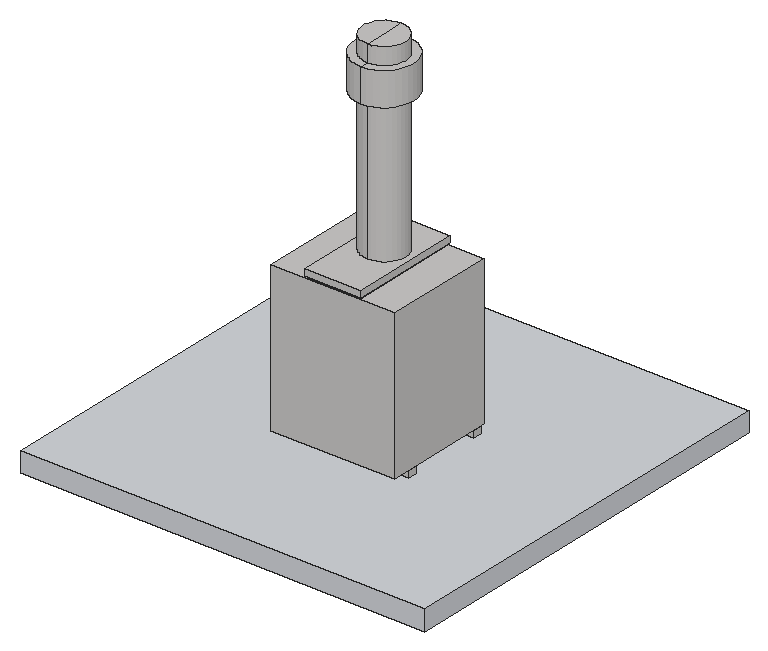
Revit family "DC_Rheem_PLM_Raypak_B0430HWT", category Mechanical Equipment, host Face, Revit 2020
Family settings
  Host = Face
  Round Connector Dimension = Use Radius
  Part Type = Normal
  Cut with Voids When Loaded = No
  Shared = No
  Room Calculation Point = No
Parameters (values of type "Raypak - Gas Water Heater- Outdoor - 396 MJ/h  Propane gas, On/Off gas control")
  Width_ANZRS = 745 mm
  URL = "http://www.rheem.com.au/CommercialProducts"
  Type Comments = "Recovery 1514L/h @ 50oC rise"
  TopFuleDiameter_ANZRS = 255 mm
  Stainless Steel = Raypak - Grey Powder Coated Steel
  PRVDistance_ANZRS = 210 mm
  PRVRadius_ANZRS = 15 mm
  PRVDiameter_ANZRS = PRVRadius_ANZRS * 2  # 30 mm
  Model = "B0350PCO/HWT"
  Manufacturer = "Raypak"
  Length_ANZRS = 675 mm
  HotWaterOutletRadius_ANZRS = 20 mm
  HotWaterOutletDiameter_ANZRS = HotWaterOutletRadius_ANZRS * 2  # 40 mm
  HotWaterConnectionDistance_ANZRS = 170 mm
  Height_ANZRS = 2145 mm  # constant formula
  LipHeight_ANZRS = 935 mm
  GasInletRadius_ANZRS = 10 mm
  GasInletHeight_ANZRS = 370 mm
  GasInletDiameter_ANZRS = GasInletRadius_ANZRS * 2  # 20 mm
  GasConnectionDistance_ANZRS = 105 mm
  DesignBy_ANZRS = "Design Content ©"
  Description = "Raypak - Gas Water Heater- Outdoor - 396 MJ/h  Propane gas, modulating gas control"
  Default Elevation = 0 mm
  ConnectionHeight_ANZRS = 700 mm
  ColdWaterInletRadius_ANZRS = 20 mm
  ColdWaterInletDiameter_ANZRS = ColdWaterInletRadius_ANZRS * 2  # 40 mm
  ColdWaterConnectionDistance_ANZRS = 215 mm
  BoxHeight_ANZRS = 985 mm
  FootingOffset_ANZRS = 30 mm
  FootingWidth_ANZRS = 50 mm
  FootingOffsetRight_ANZRS = 105 mm
  Author_ANZRS = "DM"
  Assembly Code = ""
Types (5, lengths in mm): name | URL | Type Comments | Model | GasInletRadius_ANZRS | GasInletDiameter_ANZRS | Description
  (no name) | "http://www.rheem.com.au/downloads/PDF/Raypak_Mechanical_Heating_Brochure_July_09.pdf" | "Recovery 1514L/h @ 50oC rise" | "B0350PCO/HWT" | 10 | 20 | "Raypak - Gas Water Heater- Outdoor - 396 MJ/h  Propane gas, modulating gas control"
  Raypak - Gas Water Heater- Outdoor - 420 MJ/h  Natural gas, modulating gas control | "http://www.rheem.com.au/CommercialProducts" | "Recovery 1610L/h @ 50oC rise" | "B0430NCM/HWT" | 12.5 | 25 | "Raypak - Gas Water Heater- Outdoor - 420 MJ/h  Natural gas, modulating gas control"
  Raypak - Gas Water Heater- Outdoor - 420  MJ/h  Natural gas, On/Off gas control | "http://www.rheem.com.au/CommercialProducts" | "Recovery 1610L/h @ 50oC rise" | "B0430NCO/HWT" | 10 | 20 | "Raypak - Gas Water Heater- Outdoor - 420  MJ/h  Natural gas, On/Off gas control"
  Raypak - Gas Water Heater- Outdoor - 396 MJ/h  Propane gas, modulating gas control | "http://www.rheem.com.au/CommercialProducts" | "Recovery 1514L/h @ 50oC rise" | "B0430PCM/HWT" | 10 | 20 | "Raypak - Gas Water Heater- Outdoor - 396 MJ/h  Propane gas, modulating gas control"
  Raypak - Gas Water Heater- Outdoor - 396 MJ/h  Propane gas, On/Off gas control | "http://www.rheem.com.au/CommercialProducts" | "Recovery 1514L/h @ 50oC rise" | "B0350PCO/HWT" | 10 | 20 | "Raypak - Gas Water Heater- Outdoor - 396 MJ/h  Propane gas, modulating gas control"
Reference planes
  plane 1 "Center (Front/Back)": y = 0
  plane 2: z = 0
  plane 3 "Center (Left/Right)": x = 0
  plane 4 "Height": z = 2145
  plane 5 "Box H": z = 985
  plane 6 "Conn H": z = 700
  plane 7 "Gas C": z = 370
  plane 8 "L1": y = 288
  plane 9 "L2": y = -387
  plane 10 "PVR": y = 78
  plane 11 "Hot Water": y = 118
  plane 12 "Cold Water": y = -97
  plane 13 "Gas C1": y = -282
  plane 14 "D1": y = 127.5
  plane 15 "D2": y = -127.5
  plane 16 "W1": x = -372.5
  plane 17 "W2": x = 372.5
  plane 18 "base": z = 40
  plane 19 "H4": z = 1845
  plane 20 "H2": z = 2045
  plane 21: z = 600
  plane 22: z = 565
  plane 23: y = -327
  plane 24: x = -367.5
  plane 25 "BASE11": y = 258
  plane 26 "BASE12": y = 208
  plane 27 "BASE21": y = -232
  plane 28 "BASE22": y = -282
  plane 29 "H1": z = 935
  plane 30 "HH": z = 945
  plane 31: x = 167.5
  plane 32: x = -167.5
  plane 33: x = 157.5
  plane 34: x = -157.5
  plane 35 "LL2": y = -377
  plane 36 "LL1": y = 278
  plane 37: y = -177.5
  plane 38: y = 177.5
  plane 39: x = -127.5
  plane 40: x = 127.5
  plane 41: x = 177.5
  plane 42: x = -177.5
Forms (mm)
  Extrusion 1, solid
    sketch origin (0, 0, 0) x (1, 0, 0) y (0, 1, 0)
      loop
        line (-1219.2, 1219.2) -> (-1219.2, -1219.2) -> (1219.2, -1219.2) -> (1219.2, 1219.2) -> (-1219.2, 1219.2)
    from 0 to -120
  Extrusion 2, solid, material "Raypak - Grey Powder Coated Steel" <- "Stainless Steel"
    sketch origin (0, 0, 0) x (1, 0, 0) y (0, 1, 0)
      loop
        line (-372.5, 288) -> (-372.5, -387) -> (372.5, -387) -> (372.5, 288) -> (-372.5, 288)
    from 40 to 935
  Revolve 3, solid, material "Raypak - Grey Powder Coated Steel" <- "Stainless Steel"
    sketch origin (0, 0, 105) x (0, 1, 0) y (0, 0, 1)
      loop
        line (0, 2040) -> (-127.5, 2040) -> (-127.5, 1940) -> (-177.5, 1940) -> (-177.5, 1740) -> (-127.5, 1740) -> (-127.5, 880) -> (0, 880) -> (0, 2040)
      axis (0, 2040) -> (0, 880)
    angle from 0 to 360
  Extrusion 4, void
    sketch origin (0, 0, 0) x (0, 1, 0) y (0, 0, 1)
      loop
        circle (78, 700) r 15
      loop
        circle (118, 700) r 20
      loop
        circle (-97, 700) r 20
    from -372.5 to -367.5
  Extrusion 5, void
    sketch origin (0, 0, 0) x (0, 1, 0) y (0, 0, 1)
      loop
        circle (-327, 600) r 5
      loop
        circle (-327, 565) r 5
      loop
        circle (-282, 370) r 10
    from -372.5 to -367.5
  Extrusion 6, solid, material "Raypak - Grey Powder Coated Steel" <- "Stainless Steel"
    sketch origin (0, 0, 0) x (0, 1, 0) y (0, 0, 1)
      loop
        line (258, 40) -> (208, 40) -> (208, 0) -> (258, 0) -> (258, 40)
      loop
        line (-232, 40) -> (-282, 40) -> (-282, 0) -> (-232, 0) -> (-232, 40)
    from -372.5 to 372.5
  Extrusion 7, solid, material "Raypak - Grey Powder Coated Steel" <- "Stainless Steel"
    sketch origin (0, 0, 0) x (1, 0, 0) y (0, 0, 1)
      loop
        line (167.5, 985) -> (-167.5, 985) -> (-167.5, 945) -> (167.5, 945) -> (167.5, 985)
    from -288 to 387
  Extrusion 8, solid, material "Raypak - Grey Powder Coated Steel" <- "Stainless Steel"
    sketch origin (0, 0, 0) x (1, 0, 0) y (0, 0, 1)
      loop
        line (157.5, 945) -> (-157.5, 945) -> (-157.5, 935) -> (157.5, 935) -> (157.5, 945)
    from -278 to 377
Cuts and joins
  Extrusion 4, Extrusion 5 cuts Extrusion 2
Lines and regions (mm)
  Masking region 1
    outline origin (0, 0, 0) x (1, 0, 0) y (0, 1, 0)
      loop
        line (-372.5, 288) -> (-372.5, -387) -> (372.5, -387) -> (372.5, 288) -> (-372.5, 288)
  Masking region 2
    outline origin (0, 0, 0) x (1, 0, 0) y (0, 0, 1)
      loop
        line (-127.5, 2145) -> (-127.5, 2045) -> (-177.5, 2045) -> (-177.5, 1845) -> (-127.5, 1845) -> (-127.5, 985) -> (-167.5, 985) -> (-167.5, 945) -> (-157.5, 945) -> (-157.5, 935) -> (-372.5, 935) -> (-372.5, 0) -> (372.5, 0) -> (372.5, 935) -> (157.5, 935) -> (157.5, 945) -> (167.5, 945) -> (167.5, 985) -> (127.5, 985) -> (127.5, 1845) -> (177.5, 1845) -> (177.5, 2045) -> (127.5, 2045) -> (127.5, 2145) -> (0, 2145) -> (-127.5, 2145)
  Masking region 3
    outline origin (0, 0, 0) x (0, 1, 0) y (0, 0, 1)
      loop
        line (-127.5, 2145) -> (-127.5, 2045) -> (-177.5, 2045) -> (-177.5, 1845) -> (-127.5, 1845) -> (-127.5, 985) -> (-387, 985) -> (-387, 945) -> (-377, 945) -> (-377, 935) -> (-387, 935) -> (-387, 40) -> (-282, 40) -> (-282, 0) -> (-232, 0) -> (-232, 40) -> (208, 40) -> (208, 0) -> (258, 0) -> (258, 40) -> (288, 40) -> (288, 935) -> (278, 935) -> (278, 945) -> (288, 945) -> (288, 985) -> (127.5, 985) -> (127.5, 1845) -> (177.5, 1845) -> (177.5, 2045) -> (127.5, 2045) -> (127.5, 2145) -> (-127.5, 2145)
  symbolic lines, style "Emergency", detail levels fine
    curve 1: arc (0, 177.5, 0) -> (-177.5, 0, 0) -> (0, -177.5, 0) r 177.5
    curve 2: arc (0, -177.5, 0) -> (177.5, 0, 0) -> (0, 177.5, 0) r 177.5
    curve 3: arc (0, 177.5, 0) -> (177.5, 0, 0) -> (0, -177.5, 0) r 177.5
    curve 4: arc (0, -177.5, 0) -> (-177.5, 0, 0) -> (0, 177.5, 0) r 177.5
    curve 5: arc (0, -127.5, 0) -> (-127.5, 0, 0) -> (0, 127.5, 0) r 127.5
    curve 6: arc (0, 127.5, 0) -> (127.5, 0, 0) -> (0, -127.5, 0) r 127.5
    curve 7: line (372.5, -387, 0) -> (372.5, 288, 0)
    curve 8: line (372.5, 288, 0) -> (-372.5, 288, 0)
    curve 9: line (-372.5, 288, 0) -> (-372.5, -387, 0)
    curve 10: line (-372.5, -387, 0) -> (372.5, -387, 0)
    curve 11: line (127.5, 0, 2045) -> (177.5, 0, 2045)
    curve 12: line (177.5, 0, 1845) -> (177.5, 0, 2045)
    curve 13: line (-177.5, 0, 2045) -> (-177.5, 0, 1845)
    curve 14: line (-177.5, 0, 2045) -> (-127.5, 0, 2045)
    curve 15: line (-127.5, 0, 2145) -> (127.5, 0, 2145)
    curve 16: line (0, 0, 2145) -> (127.5, 0, 2145)
    curve 17: line (127.5, 0, 2045) -> (-127.5, 0, 2045)
    curve 18: line (-177.5, 0, 1845) -> (0, 0, 1845)
    curve 19: line (0, 0, 1845) -> (190.918, 0, 1845)
    curve 20: line (127.5, 0, 2145) -> (127.5, 0, 2045)
    curve 21: line (-127.5, 0, 2145) -> (-127.5, 0, 2045)
    curve 22: line (372.5, 0, 935) -> (-372.5, 0, 935)
    curve 23: line (372.5, 0, 40) -> (372.5, 0, 935)
    curve 24: line (-372.5, 0, 935) -> (-372.5, 0, 40)
    curve 25: line (-372.5, 0, 40) -> (372.5, 0, 40)
    curve 26: line (372.5, 0, 0) -> (372.5, 0, 40)
    curve 27: line (-372.5, 0, 40) -> (-372.5, 0, 0)
    curve 28: line (-372.5, 0, 0) -> (372.5, 0, 0)
    curve 29: line (-127.5, 0, 1845) -> (-127.5, 0, 985)
    curve 30: line (127.5, 0, 1845) -> (127.5, 0, 985)
    curve 31: arc (0, 63, 700) -> (0, 78, 685) -> (0, 93, 700) r 15
    curve 32: arc (0, 93, 700) -> (0, 78, 715) -> (0, 63, 700) r 15
    curve 33: arc (0, 138, 700) -> (0, 118, 720) -> (0, 98, 700) r 20
    curve 34: arc (0, 98, 700) -> (0, 118, 680) -> (0, 138, 700) r 20
    curve 35: arc (0, -117, 700) -> (0, -97, 680) -> (0, -77, 700) r 20
    curve 36: arc (0, -77, 700) -> (0, -97, 720) -> (0, -117, 700) r 20
    curve 37: arc (0, -272, 370) -> (0, -282, 380) -> (0, -292, 370) r 10
    curve 38: arc (0, -292, 370) -> (0, -282, 360) -> (0, -272, 370) r 10
    curve 39: arc (0, -332, 565) -> (0, -327, 560) -> (0, -322, 565) r 5
    curve 40: arc (0, -322, 565) -> (0, -327, 570) -> (0, -332, 565) r 5
    curve 41: arc (0, -332, 600) -> (0, -327, 595) -> (0, -322, 600) r 5
    curve 42: arc (0, -322, 600) -> (0, -327, 605) -> (0, -332, 600) r 5
    curve 43: line (0, -127.5, 2145) -> (0, -127.5, 2045)
    curve 44: line (0, 127.5, 2145) -> (0, 127.5, 2045)
    curve 45: line (0, 177.5, 1845) -> (0, -177.5, 1845)
    curve 46: line (0, 127.5, 2045) -> (0, -127.5, 2045)
    curve 47: line (0, 127.5, 2045) -> (0, 177.5, 2045)
    curve 48: line (0, -177.5, 1845) -> (0, -177.5, 2045)
    curve 49: line (0, -127.5, 2045) -> (0, -177.5, 2045)
    curve 50: line (0, 177.5, 1845) -> (0, 177.5, 2045)
    curve 51: line (0, -127.5, 2145) -> (0, 127.5, 2145)
    curve 52: line (0, 127.5, 1845) -> (0, 127.5, 985)
    curve 53: line (0, -127.5, 1845) -> (0, -127.5, 985)
    curve 54: line (0, 288, 985) -> (0, -387, 985)
    curve 55: line (0, -387, 985) -> (0, -387, 945)
    curve 56: line (0, 288, 40) -> (0, 288, 935)
    curve 57: line (0, -387, 40) -> (0, 288, 40)
    curve 58: line (0, 208, 40) -> (0, 208, 0)
    curve 59: line (0, 258, 0) -> (0, 258, 40)
    curve 60: line (0, 208, 0) -> (0, 258, 0)
    curve 61: line (0, -232, 0) -> (0, -232, 40)
    curve 62: line (0, -282, 40) -> (0, -282, 0)
    curve 63: line (0, -282, 0) -> (0, -232, 0)
    curve 64: line (-167.5, 288, 0) -> (-167.5, 58.737, 0)
    curve 65: line (167.5, -387, 0) -> (167.5, -58.737, 0)
    curve 66: line (167.5, 0, 945) -> (167.5, 0, 985)
    curve 67: line (-167.5, 0, 945) -> (167.5, 0, 945)
    curve 68: line (157.5, 0, 935) -> (157.5, 0, 945)
    curve 69: line (-167.5, 0, 985) -> (-167.5, 0, 945)
    curve 70: line (-157.5, 0, 945) -> (-157.5, 0, 935)
    curve 71: line (167.5, 0, 985) -> (-167.5, 0, 985)
    curve 72: line (0, -387, 945) -> (0, 288, 945)
    curve 73: line (0, 288, 935) -> (0, -387, 935)
    curve 74: line (0, 278, 935) -> (0, 278, 945)
    curve 75: line (0, -377, 945) -> (0, -377, 935)
    curve 76: line (0, -387, 935) -> (0, -387, 40)
    curve 77: line (0, 288, 945) -> (0, 288, 985)
    curve 78: line (-167.5, -58.737, 0) -> (-167.5, -387, 0)
    curve 79: line (167.5, 58.737, 0) -> (167.5, 288, 0)
Dimensions and locks
  "Height_ANZRS": plane 4 "Height" to level
  "BoxHeight_ANZRS": plane 5 "Box H" to level
  "ConnectionHeight_ANZRS": plane 6 "Conn H" to Extrusion 1
  "GasInletHeight_ANZRS": plane 7 "Gas C" to level
  "Length_ANZRS": plane 8 "L1" to plane 9 "L2"
  "PRVDistance_ANZRS": plane 8 "L1" to plane 10 "PVR"
  "HotWaterConnectionDistance_ANZRS": plane 8 "L1" to plane 11 "Hot Water"
  "ColdWaterConnectionDistance_ANZRS": plane 11 "Hot Water" to plane 12 "Cold Water"
  "GasConnectionDistance_ANZRS": plane 13 "Gas C1" to plane 9 "L2"
  plane 1 "Center (Front/Back)" to plane 9 "L2" = 387 mm
  plane 18 "base" to level = 40 mm
  plane 4 "Height" to plane 20 "H2" to plane 19 "H4" = 100 mm locked, 200 mm locked
  equal spacing: plane 17 "W2", plane 3 "Center (Left/Right)", plane 16 "W1"
  "Width_ANZRS": plane 17 "W2" to plane 16 "W1"
  equal spacing: plane 14 "D1", plane 1 "Center (Front/Back)", plane 15 "D2"
  "TopFuleDiameter_ANZRS": plane 14 "D1" to plane 15 "D2"
  plane 21 to Extrusion 1 = 600 mm
  plane 22 to Extrusion 1 = 565 mm
  plane 18 "base" to Extrusion 1 = 40 mm
  plane 23 to plane 9 "L2" = 60 mm
  plane 16 "W1" to plane 24 = 5 mm
  "FootingOffset_ANZRS": plane 8 "L1" to plane 25 "BASE11"
  "FootingWidth_ANZRS": plane 25 "BASE11" to plane 26 "BASE12"
  "FootingWidth_ANZRS": plane 27 "BASE21" to plane 28 "BASE22"
  "FootingOffsetRight_ANZRS": plane 28 "BASE22" to plane 9 "L2"
  "LipHeight_ANZRS": plane 29 "H1" to Extrusion 1
  locked: plane 29 "H1" to plane 30 "HH" at 10
  plane 32 to plane 3 "Center (Left/Right)" to plane 31 = 167.5 mm, 167.5 mm
  plane 32 to plane 31 = 335 mm
  locked: plane 33 to plane 31 at 10
  locked: plane 34 to plane 32 at 10
  locked: plane 35 "LL2" to plane 9 "L2" at 10
  plane 36 "LL1" to plane 8 "L1" = 10 mm
  plane 15 "D2" to plane 37 = 50 mm
  equal spacing: plane 39, plane 3 "Center (Left/Right)", plane 40
  "TopFuleDiameter_ANZRS": plane 39 to plane 40
  plane 39 to plane 42 = 50 mm
  plane 41 to plane 40 = 50 mm
  plane 38 to plane 14 "D1" = 50 mm
  "HotWaterOutletRadius_ANZRS": radius of Extrusion 4 sketch curve
  "ColdWaterInletRadius_ANZRS": radius of Extrusion 4 sketch curve
  "PRVRadius_ANZRS": radius of Extrusion 4 sketch curve
  "GasInletRadius_ANZRS": radius of Extrusion 5 sketch curve
  aligned and locked: plane 2 to Extrusion 1
  aligned and locked: level to Extrusion 1
  aligned and locked: plane 8 "L1" to Extrusion 2 sketch curve
  aligned and locked: plane 16 "W1" to Extrusion 2 sketch curve
  aligned and locked: plane 9 "L2" to Extrusion 2 sketch curve
  aligned and locked: plane 17 "W2" to Extrusion 2 sketch curve
  aligned: plane 5 "Box H" to Extrusion 2
  aligned and locked: Revolve 3 sketch curve to plane 1 "Center (Front/Back)"
  aligned and locked: plane 11 "Hot Water" to Extrusion 4 sketch curve
  aligned and locked: plane 10 "PVR" to Extrusion 4 sketch curve
  aligned and locked: plane 6 "Conn H" to Extrusion 4 sketch curve  (x3)
  aligned and locked: Extrusion 4 to plane 16 "W1"
  aligned and locked: Extrusion 2 to plane 18 "base"
  aligned and locked: plane 12 "Cold Water" to Extrusion 4 sketch curve
  aligned and locked: Revolve 3 sketch curve to plane 4 "Height"
  aligned and locked: plane 5 "Box H" to Revolve 3 sketch curve
  aligned and locked: plane 19 "H4" to Revolve 3 sketch curve
  aligned: plane 15 "D2" to Revolve 3 sketch curve
  aligned and locked: plane 15 "D2" to Revolve 3 sketch curve
  aligned and locked: plane 21 to Extrusion 5 sketch curve
  aligned and locked: plane 23 to Extrusion 5 sketch curve  (x2)
  aligned and locked: plane 22 to Extrusion 5 sketch curve
  aligned and locked: Extrusion 5 to plane 16 "W1"
  aligned and locked: plane 24 to Extrusion 5
  aligned and locked: plane 13 "Gas C1" to Extrusion 5 sketch curve
  aligned and locked: plane 7 "Gas C" to Extrusion 5 sketch curve
  aligned and locked: Extrusion 5 to Extrusion 4
  aligned and locked: plane 18 "base" to Extrusion 6 sketch curve  (x2)
  aligned and locked: Extrusion 6 sketch curve to plane 25 "BASE11"
  aligned and locked: Extrusion 6 sketch curve to level  (x2)
  aligned and locked: plane 26 "BASE12" to Extrusion 6 sketch curve
  aligned and locked: Extrusion 6 sketch curve to plane 27 "BASE21"
  aligned and locked: plane 28 "BASE22" to Extrusion 6 sketch curve
  aligned and locked: Extrusion 6 to plane 16 "W1"
  aligned and locked: Extrusion 6 to plane 17 "W2"
  aligned and locked: Masking region 1 sketch curve to cut or joined group of Extrusion 2, Extrusion 4, Extrusion 5  (x4)
  aligned and locked: Revolve 3 to Masking region 2 sketch curve  (x2)
  aligned and locked: Masking region 2 sketch curve to Revolve 3  (x2)
  aligned and locked: plane 5 "Box H" to Masking region 2 sketch curve
  aligned and locked: plane 16 "W1" to Masking region 2 sketch curve
  aligned and locked: Masking region 2 sketch curve to plane 17 "W2"
  aligned and locked: Extrusion 1 to Masking region 2 sketch curve
  aligned and locked: Masking region 3 sketch curve to Revolve 3  (x2)
  aligned and locked: Masking region 3 sketch curve to plane 15 "D2"  (x2)
  aligned and locked: plane 5 "Box H" to Masking region 3 sketch curve
  aligned and locked: Masking region 3 sketch curve to plane 9 "L2"
  aligned and locked: plane 18 "base" to Masking region 3 sketch curve
  aligned and locked: Masking region 3 sketch curve to Extrusion 6  (x4)
  aligned and locked: plane 26 "BASE12" to Masking region 3 sketch curve
  aligned and locked: plane 25 "BASE11" to Masking region 3 sketch curve
  aligned and locked: plane 8 "L1" to Masking region 3 sketch curve
  aligned and locked: Masking region 3 sketch curve to plane 14 "D1"
  aligned and locked: curve 1 to Revolve 3
  aligned and locked: curve 2 to Revolve 3
  aligned and locked: curve 3 to Revolve 3
  aligned and locked: curve 4 to Revolve 3
  aligned and locked: curve 5 to Revolve 3
  aligned and locked: curve 6 to Revolve 3
  aligned and locked: curve 7 to cut or joined group of Extrusion 2, Extrusion 4, Extrusion 5
  aligned and locked: curve 8 to cut or joined group of Extrusion 2, Extrusion 4, Extrusion 5
  aligned and locked: curve 9 to cut or joined group of Extrusion 2, Extrusion 4, Extrusion 5
  aligned and locked: curve 10 to cut or joined group of Extrusion 2, Extrusion 4, Extrusion 5
  aligned and locked: curve 31 to cut or joined group of Extrusion 2, Extrusion 4, Extrusion 5
  aligned and locked: curve 32 to cut or joined group of Extrusion 2, Extrusion 4, Extrusion 5
  aligned and locked: curve 33 to cut or joined group of Extrusion 2, Extrusion 4, Extrusion 5
  aligned and locked: curve 34 to cut or joined group of Extrusion 2, Extrusion 4, Extrusion 5
  aligned and locked: curve 35 to cut or joined group of Extrusion 2, Extrusion 4, Extrusion 5
  aligned and locked: curve 36 to cut or joined group of Extrusion 2, Extrusion 4, Extrusion 5
  aligned and locked: curve 37 to cut or joined group of Extrusion 2, Extrusion 4, Extrusion 5
  aligned and locked: curve 38 to cut or joined group of Extrusion 2, Extrusion 4, Extrusion 5
  aligned and locked: curve 39 to cut or joined group of Extrusion 2, Extrusion 4, Extrusion 5
  aligned and locked: curve 40 to cut or joined group of Extrusion 2, Extrusion 4, Extrusion 5
  aligned and locked: curve 41 to cut or joined group of Extrusion 2, Extrusion 4, Extrusion 5
  aligned and locked: curve 42 to cut or joined group of Extrusion 2, Extrusion 4, Extrusion 5
  aligned and locked: curve 43 to plane 15 "D2"
  aligned and locked: curve 44 to plane 14 "D1"
  aligned and locked: plane 20 "H2" to curve 46
  aligned and locked: curve 51 to Revolve 3
  aligned and locked: Extrusion 2 to plane 29 "H1"
  aligned and locked: curve 22 to cut or joined group of Extrusion 2, Extrusion 4, Extrusion 5
  aligned and locked: plane 5 "Box H" to Extrusion 7 sketch curve
  aligned and locked: Extrusion 7 sketch curve to plane 31
  aligned and locked: Extrusion 7 sketch curve to plane 30 "HH"
  aligned and locked: Extrusion 7 sketch curve to plane 32
  aligned and locked: plane 30 "HH" to Extrusion 8 sketch curve
  aligned and locked: Extrusion 8 sketch curve to plane 33
  aligned and locked: Extrusion 8 sketch curve to plane 29 "H1"
  aligned and locked: Extrusion 8 sketch curve to plane 34
  aligned and locked: Extrusion 7 to plane 8 "L1"
  aligned and locked: Extrusion 7 to plane 9 "L2"
  aligned and locked: Extrusion 8 to plane 35 "LL2"
  aligned and locked: plane 36 "LL1" to Extrusion 8
  aligned and locked: curve 64 to Extrusion 7
  aligned and locked: curve 65 to Extrusion 7
  aligned and locked: curve 66 to Extrusion 7
  aligned and locked: curve 67 to Extrusion 7
  aligned and locked: curve 68 to Extrusion 8
  aligned and locked: curve 69 to Extrusion 7
  aligned and locked: curve 70 to Extrusion 8
  aligned and locked: curve 71 to Extrusion 7
  aligned and locked: Masking region 2 sketch curve to Extrusion 7  (x3)
  aligned and locked: Extrusion 7 to Masking region 2 sketch curve
  aligned and locked: Masking region 2 sketch curve to Extrusion 8  (x2)
  aligned and locked: Masking region 2 sketch curve to cut or joined group of Extrusion 2, Extrusion 4, Extrusion 5
  aligned and locked: curve 72 to Extrusion 7
  aligned and locked: curve 73 to cut or joined group of Extrusion 2, Extrusion 4, Extrusion 5
  aligned and locked: curve 74 to Extrusion 8
  aligned and locked: curve 75 to Extrusion 8
  aligned and locked: Masking region 3 sketch curve to Extrusion 7
  aligned and locked: Masking region 3 sketch curve to cut or joined group of Extrusion 2, Extrusion 4, Extrusion 5
  aligned and locked: Masking region 3 sketch curve to Extrusion 8  (x2)
  aligned and locked: Revolve 3 sketch curve to plane 37
  aligned and locked: curve 48 to plane 37
  aligned and locked: plane 19 "H4" to curve 48
  aligned and locked: plane 19 "H4" to curve 50
  aligned and locked: plane 38 to curve 45
  aligned and locked: curve 21 to plane 39
  aligned and locked: curve 20 to plane 40
  aligned and locked: plane 40 to Masking region 2  (x2)
  aligned and locked: Masking region 2 to plane 39
  aligned and locked: plane 39 to curve 29
  aligned and locked: plane 39 to Masking region 2
  aligned and locked: curve 30 to plane 40
  aligned and locked: plane 42 to curve 13
  aligned and locked: plane 19 "H4" to curve 18
  aligned and locked: plane 19 "H4" to curve 19
  aligned and locked: plane 41 to curve 12
  aligned and locked: plane 19 "H4" to curve 12
  aligned: Masking region 2 sketch curve to curve 14
  aligned and locked: cut or joined group of Extrusion 2, Extrusion 4, Extrusion 5 to Masking region 2 sketch curve
  aligned and locked: Revolve 3 sketch curve to plane 20 "H2"
  aligned and locked: Masking region 3 sketch curve to plane 38
  aligned and locked: plane 20 "H2" to Masking region 3 sketch curve
  aligned and locked: Masking region 3 sketch curve to plane 20 "H2"
  aligned and locked: curve 14 to plane 20 "H2"
  aligned and locked: curve 13 to plane 42
  aligned and locked: curve 11 to plane 20 "H2"
  aligned and locked: plane 20 "H2" to Masking region 2 sketch curve
  aligned and locked: Masking region 2 sketch curve to plane 42
Automatic sketch dimensions
  Extrusion 1 sketch curve to Extrusion 1 sketch curve = 2438.4 mm  (x2)
  Revolve 3 sketch curve to plane 15 "D2" = 0 mm
  Revolve 3 sketch curve to plane 1 "Center (Front/Back)" = 0 mm
  Revolve 3 sketch curve to Revolve 3 sketch curve = 675 mm
  Revolve 3 sketch curve to Revolve 3 sketch curve = 130 mm
  Masking region 2 sketch curve to plane 3 "Center (Left/Right)" = 0 mm
  Masking region 2 sketch curve to plane 5 "Box H" = 0 mm
  plane 20 "H2" to Masking region 2 sketch curve = 0 mm
  Masking region 3 sketch curve to plane 9 "L2" = 0 mm
  Masking region 3 sketch curve to plane 37 = 0 mm
  Masking region 3 sketch curve to plane 14 "D1" = 0 mm
  Masking region 3 sketch curve to plane 19 "H4" = 0 mm
  Masking region 3 sketch curve to plane 8 "L1" = 0 mm
  Masking region 3 sketch curve to plane 18 "base" = 0 mm  (x2)
  Masking region 3 sketch curve to plane 29 "H1" = 0 mm
  Masking region 3 sketch curve to plane 30 "HH" = 0 mm
  Masking region 3 sketch curve to plane 5 "Box H" = 0 mm
  plane 33 to Masking region 2 sketch curve = 30 mm
  plane 34 to Masking region 2 sketch curve = 30 mm
  curve 27 to level = 0 mm
  curve 27 to plane 16 "W1" = 0 mm
  curve 71 to plane 5 "Box H" = 0 mm
  curve 71 to plane 32 = 0 mm
  curve 70 to plane 34 = 0 mm
  curve 18 to plane 3 "Center (Left/Right)" = 0 mm
  curve 16 to plane 3 "Center (Left/Right)" = 0 mm
  curve 68 to plane 30 "HH" = 0 mm
  plane 33 to curve 68 = 0 mm
  plane 31 to curve 67 = 0 mm
  plane 17 "W2" to curve 25 = 0 mm
  curve 24 to plane 18 "base" = 0 mm
  curve 16 to plane 4 "Height" = 0 mm
  curve 9 to plane 9 "L2" = 0 mm
  curve 9 to plane 16 "W1" = 0 mm
  curve 64 to plane 32 = 0 mm
  curve 78 to plane 32 = 0 mm
  curve 79 to plane 31 = 0 mm
  curve 65 to plane 31 = 0 mm
  curve 7 to plane 17 "W2" = 0 mm
  plane 8 "L1" to curve 7 = 0 mm
  plane 37 to Masking region 3 sketch curve = 0 mm
  plane 39 to Masking region 2 sketch curve = 0 mm
  Masking region 2 sketch curve to plane 40 = 0 mm
  plane 41 to Masking region 2 sketch curve = 0 mm  (x2)
  Masking region 2 sketch curve to plane 20 "H2" = 0 mm
  curve 76 to plane 9 "L2" = 0 mm
  curve 54 to plane 5 "Box H" = 0 mm
  curve 54 to plane 9 "L2" = 0 mm
  curve 75 to plane 35 "LL2" = 0 mm
  curve 62 to level = 0 mm
  curve 62 to plane 13 "Gas C1" = 0 mm
  curve 63 to plane 27 "BASE21" = 0 mm
  curve 53 to plane 15 "D2" = 0 mm
  curve 52 to plane 14 "D1" = 0 mm
  curve 60 to level = 0 mm
  curve 60 to plane 26 "BASE12" = 0 mm
  curve 59 to plane 25 "BASE11" = 0 mm
  curve 74 to plane 36 "LL1" = 0 mm
  curve 72 to plane 8 "L1" = 0 mm
  curve 57 to plane 8 "L1" = 0 mm
  curve 57 to plane 18 "base" = 0 mm
  curve 61 to plane 18 "base" = 0 mm
  curve 62 to plane 18 "base" = 0 mm
  curve 58 to plane 18 "base" = 0 mm
  curve 59 to plane 18 "base" = 0 mm
  curve 74 to plane 30 "HH" = 0 mm
  curve 51 to plane 4 "Height" = 0 mm
  curve 19 to plane 31 = 23.418 mm
  Extrusion 5 sketch curve to plane 13 "Gas C1" = 0 mm
  radius of Extrusion 5 sketch curve = 5 mm  (x2)
Connectors
  piping at (-372.5, 118, 700), diameter 40, driven by "HotWaterOutletRadius_ANZRS"
    settings: on cut or joined group of Extrusion 2, Extrusion 4, Extrusion 5, index 1, connector inside diameter 1.5748", connector length 0 mm, flow factor 0, pipe flow 0 GPM, pressure drop 0.00 psi, fitting loss kfactor 0, connector angle 0.00°, fixture units 0, engagement length 0 mm, angle of deflection 0.00°, flow configuration 0, flow direction 0, fitting loss method 0, system type 19, joint type 0, gender type 0, connector reference index -1, connector utility 0, adjustable connector no, is connector primary yes, connector description ""
  piping at (-372.5, 78, 700), diameter 30, driven by "PRVRadius_ANZRS"
    settings: on cut or joined group of Extrusion 2, Extrusion 4, Extrusion 5, index 2, connector inside diameter 1.1811", connector length 0 mm, flow factor 0, pipe flow 0 GPM, pressure drop 0.00 psi, fitting loss kfactor 0, connector angle 0.00°, fixture units 0, engagement length 0 mm, angle of deflection 0.00°, flow configuration 0, flow direction 0, fitting loss method 0, system type 19, joint type 0, gender type 0, connector reference index -1, connector utility 0, adjustable connector no, is connector primary no, connector description ""
  piping at (-372.5, -97, 700), diameter 40, driven by "ColdWaterInletRadius_ANZRS"
    settings: on cut or joined group of Extrusion 2, Extrusion 4, Extrusion 5, index 3, connector inside diameter 1.5748", connector length 0 mm, flow factor 0, pipe flow 0 GPM, pressure drop 0.00 psi, fitting loss kfactor 0, connector angle 0.00°, fixture units 0, engagement length 0 mm, angle of deflection 0.00°, flow configuration 0, flow direction 0, fitting loss method 0, system type 20, joint type 0, gender type 0, connector reference index -1, connector utility 0, adjustable connector no, is connector primary no, connector description ""
  piping at (-372.5, -282, 370), diameter 20, driven by "GasInletRadius_ANZRS"
    settings: on cut or joined group of Extrusion 2, Extrusion 4, Extrusion 5, index 4, connector inside diameter 0.7874", connector length 0 mm, flow factor 0, pipe flow 0 GPM, pressure drop 0.00 psi, fitting loss kfactor 0, connector angle 0.00°, fixture units 0, engagement length 0 mm, angle of deflection 0.00°, flow configuration 0, flow direction 0, fitting loss method 0, system type 22, joint type 0, gender type 0, connector reference index -1, connector utility 0, adjustable connector no, is connector primary no, connector description ""
  electrical at (-372.5, -327, 600)
    settings: on cut or joined group of Extrusion 2, Extrusion 4, Extrusion 5, index 5, voltage 0 V, apparent load 0 VA, apparent load phase1 0 VA, apparent load phase2 0 VA, apparent load phase3 0 VA, power factor 1, load classification "Other", number of poles 1, system type 31, power factor state 1, is connector primary yes, connector utility no, sub classification motor no, connector description ""
  electrical at (-372.5, -327, 565)
    settings: on cut or joined group of Extrusion 2, Extrusion 4, Extrusion 5, index 6, voltage 0 V, apparent load 0 VA, apparent load phase1 0 VA, apparent load phase2 0 VA, apparent load phase3 0 VA, power factor 1, load classification "Other", number of poles 1, system type 31, power factor state 1, is connector primary no, connector utility no, sub classification motor no, connector description ""
